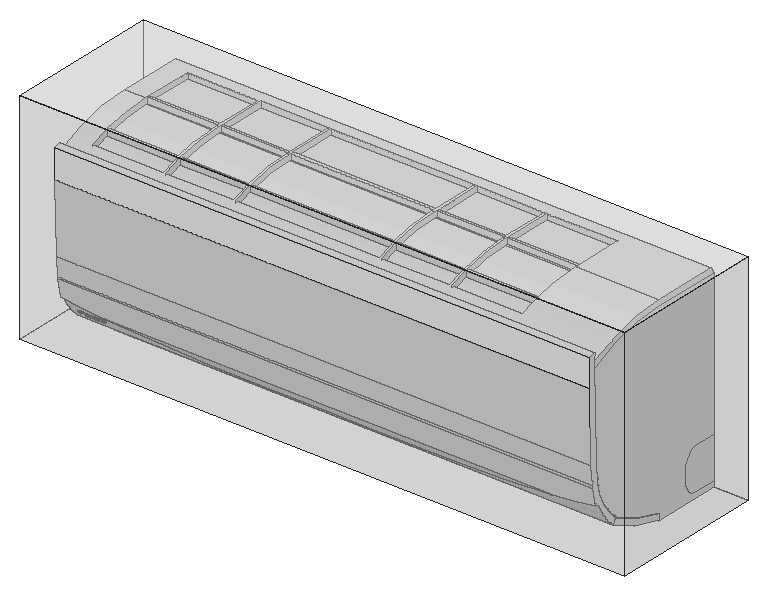
Revit family "outputfile", category 機械設備, Revit 2024
Family settings
  丸型コネクタ寸法 = 半径を使用
  パーツ タイプ = 標準
  OmniClass 番号 = 23.75.10.24.21.27.27
  OmniClass タイトル = Split System Air Conditioning Units
  作業面ベース = いいえ
  常に垂直 = はい
  ロード時にボイドで切り取り = いいえ
  注釈の向きを維持 = いいえ
  共有 = いいえ
  部屋計算ポイント = いいえ
Parameters (values of type "FTKM20QVMA")
  Description = ""
  書き出し IFC クラス(タイプ) = "IfcUnitaryEquipmentType"
  定義済み IFC タイプ(タイプ) = "AIRCONDITIONINGUNIT"
  Cost = 0
  Type Comments = ""
  Keynote = ""
  Type Image = (empty or 0)
  Assembly Code = ""
  w_wall hole = if(Width = 770.0 mm, 48.0 mm, 60.0 mm)  # 48.0 mm
  製造元 = "Daikin"
  モデル = "FTKM20QVMA"
  switch_frequency = yes
  r_Liquid Pipe Size = Liquid Pipe Size / 2  # 3.2 mm
  r_Gas Pipe Size = Gas Pipe Size / 2  # 4.75 mm
  r_Drain Pipe Size = Drain Pipe Size / 2  # 8.0 mm
  lw_powersupply [instance] = if(Width = 770.0 mm, if(or(Rear Right Connection_refrigerant, Bottom Right Connection_refrigerant), 25.0 mm, if(or(Rear Left Connection_refrigerant, Bottom Left Connection_refrigerant), 745.0 mm, 400.0 mm)), if(Width = 990.0 mm, if(or(Rear Right Connection_refrigerant, Bottom Right Connection_refrigerant), 40.0 mm, if(or(Rear Left Connection_refrigerant, Bottom Left Connection_refrigerant), 920.0 mm, 400.0 mm)), if(or(Rear Right Connection_refrigerant, Bottom Right Connection_refrigerant), 40.0 mm, if(or(Rear Left Connection_refrigerant, Bottom Left Connection_refrigerant), 920.0 mm, 400.0 mm))))  # 400.0 mm
  lw_liquidpipe [instance] = if(Width = 770.0 mm, if(or(Rear Right Connection_refrigerant, Bottom Right Connection_refrigerant), 0.0 mm, if(or(Rear Left Connection_refrigerant, Bottom Left Connection_refrigerant), 664.0 mm, 385.0 mm)), if(Width = 900.0 mm, if(or(Rear Right Connection_refrigerant, Bottom Right Connection_refrigerant), 0.0 mm, if(or(Rear Left Connection_refrigerant, Bottom Left Connection_refrigerant), 664.0 mm + (990.0 mm - 770.0 mm), 475.0 mm)), if(or(Rear Right Connection_refrigerant, Bottom Right Connection_refrigerant), 0.0 mm, if(or(Rear Left Connection_refrigerant, Bottom Left Connection_refrigerant), 664.0 mm + (990.0 mm - 770.0 mm), 475.0 mm))))  # 385.0 mm
  lw_gaspipe [instance] = if(Width = 770.0 mm, if(or(Rear Right Connection_refrigerant, Bottom Right Connection_refrigerant), 0.0 mm, if(or(Rear Left Connection_refrigerant, Bottom Left Connection_refrigerant), 675.0 mm, if(Gas Pipe Size = 12.7 mm, 345.0 mm, 335.0 mm))), if(Width = 990.0 mm, if(or(Rear Right Connection_refrigerant, Bottom Right Connection_refrigerant), 10.0 mm, if(or(Rear Left Connection_refrigerant, Bottom Left Connection_refrigerant), 890.0 mm, if(Gas Pipe Size = 15.9 mm, 410.0 mm, 400.0 mm))), if(or(Rear Right Connection_refrigerant, Bottom Right Connection_refrigerant), 10.0 mm, if(or(Rear Left Connection_refrigerant, Bottom Left Connection_refrigerant), 890.0 mm, if(Gas Pipe Size = 15.9 mm, 410.0 mm, 400.0 mm)))))  # 335.0 mm
  lw_drainpipe [instance] = if(Width = 770.0 mm, if(or(Rear Right Connection_refrigerant, Bottom Right Connection_refrigerant), 0.0 mm, if(or(Rear Left Connection_refrigerant, Bottom Left Connection_refrigerant), 770.0 mm - 48.0 mm - 48.0 mm, 440.0 mm)), if(Width = 990.0 mm, if(or(Rear Right Connection_refrigerant, Bottom Right Connection_refrigerant), 0.0 mm, if(or(Rear Left Connection_refrigerant, Bottom Left Connection_refrigerant), 675.0 mm + (990.0 mm - 770.0 mm), 435.0 mm)), if(or(Rear Right Connection_refrigerant, Bottom Right Connection_refrigerant), 0.0 mm, if(or(Rear Left Connection_refrigerant, Bottom Left Connection_refrigerant), 675.0 mm + (990.0 mm - 770.0 mm), 435.0 mm))))  # 440.0 mm
  l_powersupply_length [instance] = if(Width = 770.0 mm, if(Right Connection_refrigerant, 400.0 mm, if(Left Connection_refrigerant, 770.0 mm - 400.0 mm, if(or(Rear Left Connection_refrigerant, Rear Right Connection_refrigerant), 15.0 mm, 50.0 mm))), if(Width = 990.0 mm, if(Right Connection_refrigerant, 400.0 mm, if(Left Connection_refrigerant, 990.0 mm - 400.0 mm, if(or(Rear Left Connection_refrigerant, Rear Right Connection_refrigerant), 15.0 mm, 50.0 mm))), if(Right Connection_refrigerant, 400.0 mm, if(Left Connection_refrigerant, 990.0 mm - 400.0 mm, if(or(Rear Left Connection_refrigerant, Rear Right Connection_refrigerant), 15.0 mm, 50.0 mm)))))  # 400.0 mm
  l_liquidpipe_length [instance] = if(Width = 770.0 mm, if(Right Connection_refrigerant, 433.0 mm, if(Left Connection_refrigerant, 337.0 mm, if(or(Rear Left Connection_refrigerant, Rear Right Connection_refrigerant), 30.0 mm, 40.0 mm))), if(Width = 990.0 mm, if(Right Connection_refrigerant, 535.0 mm, if(Left Connection_refrigerant, 455.0 mm, if(or(Rear Left Connection_refrigerant, Rear Right Connection_refrigerant), 30.0 mm, 40.0 mm))), if(Right Connection_refrigerant, 535.0 mm, if(Left Connection_refrigerant, 455.0 mm, if(or(Rear Left Connection_refrigerant, Rear Right Connection_refrigerant), 30.0 mm, 40.0 mm)))))  # 433.0 mm
  l_gaspipe_length [instance] = if(Width = 770.0 mm, if(Right Connection_refrigerant, if(Gas Pipe Size = 12.7 mm, 393.0 mm, 383.0 mm), if(Left Connection_refrigerant, if(Gas Pipe Size = 12.7 mm, 770.0 mm - 393.0 mm, 770.0 mm - 383.0 mm), if(or(Rear Left Connection_refrigerant, Rear Right Connection_refrigerant), 40.0 mm, 50.0 mm))), if(Width = 990.0 mm, if(Right Connection_refrigerant, if(Gas Pipe Size = 15.9 mm, 470.0 mm, 460.0 mm), if(Left Connection_refrigerant, if(Gas Pipe Size = 15.9 mm, 990.0 mm - 470.0 mm, 990.0 mm - 460.0 mm), if(or(Rear Left Connection_refrigerant, Rear Right Connection_refrigerant), 40.0 mm, 50.0 mm))), if(Right Connection_refrigerant, if(Gas Pipe Size = 15.9 mm, 470.0 mm, 460.0 mm), if(Left Connection_refrigerant, if(Gas Pipe Size = 15.9 mm, 990.0 mm - 470.0 mm, 990.0 mm - 460.0 mm), if(or(Rear Left Connection_refrigerant, Rear Right Connection_refrigerant), 40.0 mm, 50.0 mm)))))  # 383.0 mm
  l_drainpipe_length [instance] = if(Width = 770.0 mm, if(Right Connection_refrigerant, 488.0 mm, if(Left Connection_refrigerant, 282.0 mm, if(or(Rear Left Connection_refrigerant, Rear Right Connection_refrigerant), 15.0 mm, 20.0 mm))), if(Width = 990.0 mm, if(Right Connection_refrigerant, 495.0 mm, if(Left Connection_refrigerant, 495.0 mm, if(or(Rear Left Connection_refrigerant, Rear Right Connection_refrigerant), 15.0 mm, 20.0 mm))), if(Right Connection_refrigerant, 495.0 mm, if(Left Connection_refrigerant, 495.0 mm, if(or(Rear Left Connection_refrigerant, Rear Right Connection_refrigerant), 15.0 mm, 20.0 mm)))))  # 488.0 mm
  h*** = 0.0 mm  # constant formula
  connector_voltage = Voltage_50Hz  # 230 V
  connector_powerinput = [Power Input (Cooling)]  # 0.000 kW
  connector_phase = Phase_50Hz  # 1
  angle_vertical [instance] = if(or(Bottom Left Connection_refrigerant, Bottom Right Connection_refrigerant), 0.00°, 90.00°)  # 90.00°
  angle_horizontal [instance] = if(Right Connection_refrigerant, 90.00°, if(Left Connection_refrigerant, -90.00°, if(or(Rear Left Connection_refrigerant, Rear Right Connection_refrigerant), 180.00°, 0.00°)))  # 90.00°
  Width = 770.0 mm
  Voltage_comment_50Hz = "220 - 240"
  Voltage_50Hz = 230 V
  Version = "ver.1.0"
  Unit Type = "Wall Mounted"
  Unit Mass Weight = 9.00 kg
  Unit Designation [instance] = ""
  Uniclass2015Version = "Products v1.30"
  Uniclass2015Title = "Split coil room air conditioning units"
  Uniclass2015Code = "Pr_70_65_03_86"
  URL = ""
  Total Cooling Capacity [instance] = 0.000 kW
  Sound Pressure Level_M speed (dBA) = 32
  Sound Pressure Level_L speed (dBA) = 25
  Sound Pressure Level_H speed (dBA) = 38
  Sound Power Level_H speed (dB) = 0
  Series = "Single Split_Fan Coil Unit"
  Sensible Cooling Capacity [instance] = 0.000 kW
  Refrigerant Type = "R32"
  Power Input (Cooling) = 0.000 kW
  Phase_50Hz = 1
  Option Accessory 3 [instance] = ""
  Option Accessory 2 [instance] = ""
  Option Accessory 1 [instance] = ""
  Nominal Cooling Capacity = 2.000 kW
  Minimum Circuit Amps_50Hz = 0.0 A
  Minimum Airflow = 300.00 m³/h
  Median Airflow = 426.00 m³/h
  Maximum Fuse Amps_50Hz = 0.0 A
  Maximum Airflow = 546.00 m³/h
  Material_Casing = DAIKIN_PureWhite_Casing_indoorunit
  Load Classification = HVAC
  Liquid Pipe Size = 6.4 mm
  Link_Nested Family [instance] = ""
  IfcVersion = ""
  IfcExportType = "AIRCONDITIONINGUNIT"
  IfcExportAs = "IfcUnitaryEquipmentType"
  Height = 285.0 mm
  Heat Exchanger Type = "Cross Fin Coil"
  Gas Pipe Size = 9.5 mm
  Frequency_50Hz = 50 Hz
  Fan Type = "Cross Flow Fan"
  Fan Drive = "Direct Drive"
  FCU Tag No. [instance] = ""
  Drain Pipe Size = 16.0 mm
  Design Supply Airflow [instance] = 0.00 m³/h
  Depth = 223.0 mm
  既定の高さ = 0.0 mm
  Cooling Entering Wet Bulb Temperature [instance] = 0.00 °C
  Cooling Entering Dry Bulb Temperature [instance] = 0.00 °C
  Cooling Ambient Wet Bulb Temperature [instance] = 0.00 °C
  Cooling Ambient Dry Bulb Temperature [instance] = 0.00 °C
  Clearance visibility [instance] = yes
  Clearance Top = 30.0 mm
  Clearance Right = 50.0 mm
  Clearance Rear = 0.0 mm
  Clearance Left = 50.0 mm
  Clearance Front = 0.0 mm
  Clearance Bottom = 0.0 mm
  Bottom Right Connection_refrigerant [instance] = no
  Bottom Left Connection_refrigerant [instance] = no
  Rear Right Connection_refrigerant [instance] = no
  Rear Left Connection_refrigerant [instance] = no
  Right Connection_refrigerant [instance] = yes
  Left Connection_refrigerant [instance] = no
Reference planes
  plane 1 "Back": y = 0
  plane 2: z = 0
  plane 3 "Center (Left/Right)": x = 0
  plane 4 "Center (Front/Back)": y = -111.5
  plane 5 "Front": y = -223
  plane 6 "Left": x = -385
  plane 7 "Right": x = 385
  plane 8 "Top": z = 0
  plane 9 "Bottom": z = -285
  plane 10: x = -435
  plane 11: x = 435
  plane 12: y = 0
  plane 13: y = -223
  plane 14: z = 30
  plane 15: z = -285
  plane 16 "lw_Piping and Wiring intake": x = 337
  plane 17 "lw_gaspipe": x = 2
  plane 18 "lw_liquidpipe": x = -48
  plane 19 "lw_drainpipe": x = -103
  plane 20 "lh_drainpipe": z = -265
  plane 21 "lh_liquidpipe": z = -245
  plane 22 "lh_gaspipe": z = -235
  plane 23 "ld_drainpipe": y = -15
  plane 24 "ld_liquidpipe": y = -30
  plane 25 "ld_gaspipe": y = -40
  plane 26 "lw_powersupply": x = -15
Dimensions and locks
  equal spacing: plane 6 "Left", plane 3 "Center (Left/Right)", plane 7 "Right"
  "Width": plane 6 "Left" to plane 7 "Right"
  equal spacing: plane 5 "Front", plane 4 "Center (Front/Back)", plane 1 "Back"
  "Depth": plane 5 "Front" to plane 1 "Back"
  "Height": plane 8 "Top" to plane 9 "Bottom"
  "Clearance Rear": plane 12 to plane 1 "Back"
  "Clearance Front": plane 13 to plane 5 "Front"
  "Clearance Top": plane 14 to plane 8 "Top"
  "Clearance Bottom": plane 9 "Bottom" to plane 15
  "w_wall hole": plane 16 "lw_Piping and Wiring intake" to plane 7 "Right"
  "lw_gaspipe": plane 17 "lw_gaspipe" to plane 16 "lw_Piping and Wiring intake"
  "lw_liquidpipe": plane 18 "lw_liquidpipe" to plane 16 "lw_Piping and Wiring intake"
  "lw_drainpipe": plane 19 "lw_drainpipe" to plane 16 "lw_Piping and Wiring intake"
  locked: plane 20 "lh_drainpipe" to plane 9 "Bottom" at 20
  locked: plane 21 "lh_liquidpipe" to plane 9 "Bottom" at 40
  locked: plane 22 "lh_gaspipe" to plane 9 "Bottom" at 50
  locked: plane 23 "ld_drainpipe" to plane 1 "Back" at 15
  locked: plane 1 "Back" to plane 24 "ld_liquidpipe" at 30
  locked: plane 1 "Back" to plane 25 "ld_gaspipe" at 40
  "lw_powersupply": plane 26 "lw_powersupply" to plane 7 "Right"
  "Clearance Right": plane 7 "Right" to plane 11
  "Clearance Left": plane 10 to plane 6 "Left"
  aligned and locked: level to plane 2
  aligned and locked: plane 12 to nested 1
  aligned and locked: nested 1 to plane 13
  aligned and locked: plane 10 to nested 1
  aligned and locked: plane 11 to nested 1
  aligned and locked: plane 15 to nested 1
  aligned and locked: plane 14 to nested 1
  aligned and locked: plane 17 "lw_gaspipe" to nested 2
  aligned and locked: nested 2 to plane 25 "ld_gaspipe"
  aligned and locked: plane 18 "lw_liquidpipe" to nested 3
  aligned and locked: nested 3 to plane 24 "ld_liquidpipe"
  aligned and locked: plane 19 "lw_drainpipe" to nested 4
  aligned and locked: nested 4 to plane 23 "ld_drainpipe"
  aligned and locked: nested 5 to plane 23 "ld_drainpipe"
  aligned and locked: plane 26 "lw_powersupply" to nested 5
  aligned and locked: level to plane 8 "Top"
  aligned and locked: plane 3 "Center (Left/Right)" to nested 6
  aligned and locked: plane 1 "Back" to nested 6
  aligned and locked: plane 8 "Top" to nested 6
Nested families
  nested 1: "daikin_clearancespace" at (0, -111.5, -127.381), show <- "Clearance visibility", visible <- "Clearance visibility", Link_Nested Family <- "Link_Nested Family", type "daikin_clearancespace"
    with width 870.0 mm, show yes, height 315.0 mm, depth 223.0 mm, Link_Nested Family ""
  nested 2: "daikin_connector_rotate3" at (2, -40, -235), angle_vertical <- "angle_vertical", angle_horizontal <- "angle_horizontal", length <- "l_gaspipe_length", radius <- "r_Gas Pipe Size", type "daikin_connector_rotate3"
    with show no, radius 4.75 mm, length 383.0 mm, angle_vertical 90.00°, angle_horizontal 90.00°
  nested 3: "daikin_connector_rotate3" at (-48, -30, -245), angle_vertical <- "angle_vertical", angle_horizontal <- "angle_horizontal", radius <- "r_Liquid Pipe Size", length <- "l_liquidpipe_length", type "daikin_connector_rotate3"
    with show no, radius 3.2 mm, length 433.0 mm, angle_vertical 90.00°, angle_horizontal 90.00°
  nested 4: "daikin_connector_rotate3" at (-103, -15, -265), angle_vertical <- "angle_vertical", angle_horizontal <- "angle_horizontal", length <- "l_drainpipe_length", radius <- "r_Drain Pipe Size", type "daikin_connector_rotate3"
    with show no, radius 8.0 mm, length 488.0 mm, angle_vertical 90.00°, angle_horizontal 90.00°
  nested 5: "daikin_connector_rotate3" at (-15, -15, -235), angle_vertical <- "angle_vertical", angle_horizontal <- "angle_horizontal", length <- "l_powersupply_length", type "daikin_connector_rotate3"
    with show no, radius 10.0 mm, length 400.0 mm, angle_vertical 90.00°, angle_horizontal 90.00°
  nested 6: "DAIKIN_indoorunit_FTKM-QVMA" at (-31, 0, 0), type "FTKM-QVMA"
Connectors
  piping at (385, -40, -235), diameter 9.5, driven by "r_Gas Pipe Size"
    settings: on nested 2, index 1, connector inside diameter 609.6 mm, connector length 0.0 mm, flow factor 0, pipe flow 0.00 m³/h, pressure drop 0.0 Pa, fitting loss kfactor 0, connector angle 0.00°, fixture units 0, engagement length 0.0 mm, angle of deflection 0.00°, flow configuration 1, flow direction 2, fitting loss method 0, system type 29, joint type 0, gender type 0, connector reference index -1, connector utility 0, adjustable connector no, is connector primary yes, connector description "Refrigerant Gas Piping"
  piping at (385, -30, -245), diameter 6.4, driven by "r_Liquid Pipe Size"
    settings: on nested 3, index 2, connector inside diameter 609.6 mm, connector length 0.0 mm, flow factor 0, pipe flow 0.00 m³/h, pressure drop 0.0 Pa, fitting loss kfactor 0, connector angle 0.00°, fixture units 0, engagement length 0.0 mm, angle of deflection 0.00°, flow configuration 1, flow direction 1, fitting loss method 0, system type 29, joint type 0, gender type 0, connector reference index -1, connector utility 0, adjustable connector no, is connector primary no, connector description "Refrigerant Liquid Piping"
  piping at (385, -15, -265), diameter 16, driven by "r_Drain Pipe Size"
    settings: on nested 4, index 3, connector inside diameter 609.6 mm, connector length 0.0 mm, flow factor 0, pipe flow 0.00 m³/h, pressure drop 0.0 Pa, fitting loss kfactor 0, connector angle 0.00°, fixture units 0, engagement length 0.0 mm, angle of deflection 0.00°, flow configuration 1, flow direction 2, fitting loss method 4, system type 16, joint type 0, gender type 0, connector reference index -1, connector utility 0, adjustable connector no, is connector primary no, connector description "Condensate Drain Piping"
  electrical at (385, -15, -235), driven by "Load Classification", driven by "connector_powerinput", driven by "connector_voltage", driven by "connector_phase"
    settings: on nested 5, index 4, voltage 230 V, apparent load 0 VA, apparent load phase1 0 VA, apparent load phase2 0 VA, apparent load phase3 0 VA, power factor 1, load classification "HVAC", number of poles 1, system type 30, power factor state 1, is connector primary yes, connector utility no, sub classification motor no, connector description "Power Supply"
Definition of nested family "daikin_clearancespace"
  Parameters (values of type "daikin_clearancespace")
    Description = "daikin_clearancespace"
    width [instance] = 1823.963 mm
    show [instance] = yes
    material = none
    height [instance] = 1359.762 mm
    depth [instance] = 880.0 mm
    Default Elevation = 0.0 mm
    Link_Nested Family [instance] = ""
  Reference planes
    plane 1 "Center (Front/Back)": y = 0
    plane 2 "Center (Elevation)": z = -0.119
    plane 3 "Center (Left/Right)": x = 0
    plane 4: y = 440
    plane 5: y = -440
    plane 6 "Right": x = 911.982
    plane 7 "Left": x = -911.982
    plane 8 "Top": z = 679.762
    plane 9 "Bottom": z = -680
  Forms (mm)
    Extrusion 1, solid, material <- "material", visible <- "show"
      sketch origin (0, 0, 0) x (1, 0, 0) y (0, 1, 0)
        loop
          line (-911.982, 440) -> (-911.982, -440) -> (911.982, -440) -> (911.982, 440) -> (-911.982, 440)
      from -680 to 679.762
  Lines and regions (mm)
    symbolic lines, visible <- "show"
      curve 1: line (911.982, 440, 0) -> (-911.982, 440, 0)
      curve 2: line (-911.982, 440, 0) -> (-911.982, -440, 0)
      curve 3: line (-911.982, -440, 0) -> (911.982, -440, 0)
      curve 4: line (911.982, -440, 0) -> (911.982, 440, 0)
      curve 5: line (911.982, 0, 679.762) -> (-911.982, 0, 679.762)
      curve 6: line (911.982, 0, -680) -> (911.982, 0, 679.762)
      curve 7: line (-911.982, 0, -680) -> (911.982, 0, -680)
      curve 8: line (-911.982, 0, 679.762) -> (-911.982, 0, -680)
      curve 9: line (0, 440, 679.762) -> (0, -440, 679.762)
      curve 10: line (0, -440, 679.762) -> (0, -440, -680)
      curve 11: line (0, 440, -680) -> (0, 440, 679.762)
      curve 12: line (0, -440, -680) -> (0, 440, -680)
  Dimensions and locks
    "width": plane 7 "Left" to plane 6 "Right"
    "depth": plane 4 to plane 5
    "height": plane 8 "Top" to plane 9 "Bottom"
    equal spacing: plane 7 "Left", plane 3 "Center (Left/Right)", plane 6 "Right"
    equal spacing: plane 4, plane 1 "Center (Front/Back)", plane 5
    equal spacing: plane 8 "Top", plane 2 "Center (Elevation)", plane 9 "Bottom"
    aligned and locked: level to plane 2 "Center (Elevation)"
    aligned and locked: Extrusion 1 sketch curve to plane 4
    aligned and locked: plane 7 "Left" to Extrusion 1 sketch curve
    aligned and locked: Extrusion 1 sketch curve to plane 5
    aligned and locked: Extrusion 1 sketch curve to plane 6 "Right"
    aligned and locked: plane 8 "Top" to Extrusion 1
    aligned and locked: curve 1 to Extrusion 1
    aligned and locked: curve 2 to Extrusion 1
    aligned and locked: curve 3 to Extrusion 1
    aligned and locked: curve 4 to Extrusion 1
    aligned and locked: curve 5 to Extrusion 1
    aligned and locked: curve 6 to Extrusion 1
    aligned and locked: curve 7 to Extrusion 1
    aligned and locked: curve 8 to Extrusion 1
    aligned and locked: curve 9 to Extrusion 1
    aligned and locked: curve 10 to Extrusion 1
    aligned and locked: curve 11 to Extrusion 1
    aligned and locked: curve 12 to Extrusion 1
    aligned and locked: Extrusion 1 to plane 9 "Bottom"
Definition of nested family "DAIKIN_indoorunit_FTKM-QVMA"
  Parameters (values of type "FTKM-QVMA")
    switch_unit1_50-71 = Width = 990.0 mm  # no
    switch_unit1_20-46 = Width = 770.0 mm  # yes
    Width = 770.0 mm
    WALL HOLE-R = if(Width = 770.0 mm, 48.0 mm, 60.0 mm)  # 48.0 mm
    WALL HOLE Size = if(Width = 770.0 mm, 65.0 mm, 80.0 mm)  # 65.0 mm
    Material_Casing = none
    Height = if(Width = 770.0 mm, 285.0 mm, 295.0 mm)  # 285.0 mm
    Default Elevation = 0.0 mm
  Reference planes
    plane 1 "Center (Front/Back)": y = 0
    plane 2 "reference_level": z = 0
    plane 3 "Center (Left/Right)": x = 31
    plane 4: x = -354
    plane 5: x = 416
    plane 6: z = -285
  Forms (mm)
    Extrusion 1, solid, material <- "Material_Casing", visible <- "switch_unit1_20-46"
      sketch origin (29, 0, 0) x (0, 1, 0) y (0, 0, 1)
        loop
          line (-5, 0) -> (-98, 0)
          arc (-98, 0) -> (-157.611, -7.211) -> (-213.783, -28.427) r 250
          arc (-213.783, -28.427) -> (-213.842, -32.972) -> (-213.892, -37.516) r 2191
          arc (-213.892, -37.516) -> (-157.832, -15.495) -> (-98.07, -8) r 242
          line (-98.07, -8) -> (0, -8) -> (-5, 0)
      from -383 to 387
    Extrusion 2, solid, material <- "Material_Casing", visible <- "switch_unit1_20-46"
      sketch origin (416, 1296.25, 1200) x (0, 1, 0) y (0, 0, 1)
        loop
          line (-1472.998, -1446.91) -> (-1476.998, -1453.839)
          arc (-1476.998, -1453.839) -> (-1437.481, -1472.422) -> (-1395.25, -1483.538) r 240
          line (-1395.25, -1483.538) -> (-1395.25, -1475.422)
          arc (-1395.25, -1475.422) -> (-1435.407, -1464.663) -> (-1472.998, -1446.91) r 232
      from 0 to -47.5
    Extrusion 3, solid, material <- "Material_Casing", visible <- "switch_unit1_20-46"
      sketch origin (29, 0, 0) x (0, 1, 0) y (0, 0, 1)
        loop
          arc (-223, -60.455) -> (-222.414, -110.646) -> (-220.656, -160.81) r 2149.92
          arc (-220.656, -160.81) -> (-219.65, -174.299) -> (-217.853, -187.706) r 229.911
          arc (-217.853, -187.706) -> (-205.371, -223.594) -> (-181.517, -253.17) r 111
          line (-181.517, -253.17) -> (-177.429, -246.093)
          arc (-177.429, -246.093) -> (-198.77, -218.989) -> (-209.965, -186.36) r 103
          arc (-209.965, -186.36) -> (-211.681, -173.586) -> (-212.651, -160.735) r 221.844
          arc (-212.651, -160.735) -> (-214.739, -93.233) -> (-214.74, -25.699) r 2186.828
          arc (-214.74, -25.699) -> (-214.671, -21.467) -> (-214.594, -17.235) r 2192
          line (-214.594, -17.235) -> (-223, -19.961) -> (-223, -60.455)
      from -383 to 387
    Extrusion 4, solid, material <- "Material_Casing", visible <- "switch_unit1_20-46"
      sketch origin (29, 0, 0) x (0, 1, 0) y (0, 0, 1)
        loop
          line (-181.517, -253.17) -> (-179.597, -249.846)
          arc (-179.597, -249.846) -> (-202.009, -221.399) -> (-213.189, -186.952) r 103
          line (-213.189, -186.952) -> (-217.853, -187.706)
          arc (-217.853, -187.706) -> (-217.533, -189.556) -> (-217.182, -191.4) r 111
          arc (-217.182, -191.4) -> (-213.806, -208.181) -> (-210.362, -224.948) r 4257.809
          arc (-210.362, -224.948) -> (-198.886, -237.857) -> (-186.225, -249.607) r 180
          line (-186.225, -249.607) -> (-181.517, -253.17)
      from -383 to 387
    Extrusion 5, solid, material <- "Material_Casing", visible <- "switch_unit1_20-46"
      sketch origin (29, 0, -20) x (0, 1, 0) y (0, 0, 1)
        loop
          line (0, -265) -> (0, 12) -> (-98.07, 12)
          arc (-98.07, 12) -> (-157.832, 4.505) -> (-213.892, -17.516) r 242
          arc (-213.892, -17.516) -> (-213.638, -79.114) -> (-211.653, -140.681) r 2191
          arc (-211.653, -140.681) -> (-210.685, -153.501) -> (-208.973, -166.243) r 221
          arc (-208.973, -166.243) -> (-197.471, -199.282) -> (-175.482, -226.491) r 102
          arc (-175.482, -226.491) -> (-138.004, -244.019) -> (-98, -254.579) r 231
          line (-98, -254.579) -> (-98, -265) -> (0, -265)
      from -383 to 387
    Extrusion 6, solid, material <- "Material_Casing", visible <- "switch_unit1_20-46"
      sketch origin (-354, 1296.25, 1200) x (0, 1, 0) y (0, 0, 1)
        loop
          line (-1472.998, -1446.91) -> (-1476.998, -1453.839)
          arc (-1476.998, -1453.839) -> (-1437.481, -1472.422) -> (-1395.25, -1483.538) r 240
          line (-1395.25, -1483.538) -> (-1395.25, -1475.422)
          arc (-1395.25, -1475.422) -> (-1435.407, -1464.663) -> (-1472.998, -1446.91) r 232
      from 47 to 0
    Extrusion 7, solid, material <- "Material_Casing", visible <- "switch_unit1_20-46"
      sketch origin (416, 1296.25, 1200) x (0, 1, 0) y (0, 0, 1)
        loop
          line (-1472.998, -1446.91) -> (-1476.998, -1453.839)
          arc (-1476.998, -1453.839) -> (-1443.437, -1470.168) -> (-1407.75, -1481.097) r 240
          line (-1407.75, -1481.097) -> (-1407.75, -1472.894)
          arc (-1407.75, -1472.894) -> (-1441.363, -1462.385) -> (-1472.998, -1446.91) r 232
      from -116.993 to -48.493
    Extrusion 8, solid, material <- "Material_Casing", visible <- "switch_unit1_20-46"
      sketch origin (416, 1296.25, 1200) x (0, 1, 0) y (0, 0, 1)
        loop
          line (-1472.998, -1446.91) -> (-1476.998, -1453.839)
          arc (-1476.998, -1453.839) -> (-1443.437, -1470.168) -> (-1407.75, -1481.097) r 240
          line (-1407.75, -1481.097) -> (-1407.75, -1472.894)
          arc (-1407.75, -1472.894) -> (-1441.363, -1462.385) -> (-1472.998, -1446.91) r 232
      from -717 to -121.993
    Extrusion 9, void
      sketch origin (31, 0, -235) x (1, 0, 0) y (0, 1, 0)
        loop
          line (-252.674, -22.316) -> (-354.941, -22.316) -> (-354.941, -91.341) -> (-252.674, -91.341) -> (-252.674, -22.316)
        loop
          line (-249.341, -91.341) -> (-151.574, -91.341) -> (-151.574, -22.316) -> (-249.341, -22.316) -> (-249.341, -91.341)
        loop
          line (58.309, -22.316) -> (-148.309, -22.316) -> (-148.309, -91.341) -> (58.309, -91.341) -> (58.309, -22.316)
        loop
          line (61.689, -22.316) -> (61.689, -91.341) -> (159.457, -91.341) -> (159.457, -22.316) -> (61.689, -22.316)
        loop
          line (162.789, -22.316) -> (162.789, -91.341) -> (265.057, -91.341) -> (265.057, -22.316) -> (162.789, -22.316)
        loop
          line (-354.941, -94.659) -> (-354.941, -165.259) -> (-252.674, -165.259) -> (-252.674, -94.659) -> (-354.941, -94.659)
        loop
          line (-249.341, -94.659) -> (-249.341, -165.259) -> (-151.574, -165.259) -> (-151.574, -94.659) -> (-249.341, -94.659)
        loop
          line (-148.309, -94.659) -> (-148.309, -165.259) -> (58.309, -165.259) -> (58.309, -94.659) -> (-148.309, -94.659)
        loop
          line (61.689, -94.659) -> (61.689, -165.259) -> (159.457, -165.259) -> (159.457, -94.659) -> (61.689, -94.659)
        loop
          line (162.789, -94.659) -> (162.789, -165.259) -> (265.057, -165.259) -> (265.057, -94.659) -> (162.789, -94.659)
        loop
          line (-354.941, -167.382) -> (-354.941, -192.681) -> (-252.674, -192.681) -> (-252.674, -167.382) -> (-354.941, -167.382)
        loop
          line (-249.341, -167.382) -> (-249.341, -192.681) -> (-151.574, -192.681) -> (-151.574, -167.382) -> (-249.341, -167.382)
        loop
          line (-148.309, -167.382) -> (-148.309, -192.681) -> (58.309, -192.681) -> (58.309, -167.382) -> (-148.309, -167.382)
        loop
          line (159.457, -167.382) -> (61.689, -167.382) -> (61.689, -192.681) -> (159.457, -192.681) -> (159.457, -167.382)
        loop
          line (265.057, -167.382) -> (162.789, -167.382) -> (162.789, -192.681) -> (265.057, -192.681) -> (265.057, -167.382)
      from 201.638 to 250
    Extrusion 10, void
      sketch origin (31, 0, 0) x (1, 0, 0) y (0, 0, 1)
        loop
          arc (597, -174.907) -> (0.056, -245.263) -> (-597, -175.856) r 2585.042
          line (-597, -175.856) -> (-597, -352.872) -> (597, -352.872) -> (597, -174.907)
      from 173 to 315.3
    Extrusion 11, solid, material <- "Material_Casing"
      sketch origin (31, 0, 0) x (1, 0, 0) y (0, 0, 1)
        loop
          circle (337, -240.5) r 32.5
        loop
          circle (-337, -240.5) r 32.5
      from 0 to 5
    Extrusion 12, solid, material <- "Material_Casing", visible <- "switch_unit1_20-46"
      sketch origin (416, 1296.25, 1200) x (0, -1, 0) y (0, 0, 1)
        loop
          line (1326.25, -1417) -> (1296.25, -1417) -> (1296.25, -1477) -> (1326.25, -1477)
          arc (1326.25, -1477) -> (1340.393, -1471.142) -> (1346.25, -1457) r 20
          line (1346.25, -1457) -> (1346.25, -1437)
          arc (1346.25, -1437) -> (1340.393, -1422.858) -> (1326.25, -1417) r 20
      from 0 to 5
    Extrusion 13, solid, material <- "Material_Casing", visible <- "switch_unit1_20-46"
      sketch origin (-354, 1296.25, 1200) x (0, 1, 0) y (0, 0, 1)
        loop
          line (-1296.25, -1417) -> (-1326.25, -1417)
          arc (-1326.25, -1417) -> (-1340.393, -1422.858) -> (-1346.25, -1437) r 20
          line (-1346.25, -1437) -> (-1346.25, -1457)
          arc (-1346.25, -1457) -> (-1340.393, -1471.142) -> (-1326.25, -1477) r 20
          line (-1326.25, -1477) -> (-1296.25, -1477) -> (-1296.25, -1417)
      from 0 to 5
    Extrusion 14, solid, material <- "Material_Casing", visible <- "switch_unit1_20-46"
      sketch origin (31, 0, -285) x (-1, 0, 0) y (0, -1, 0)
        loop
          line (-314, 0) -> (-314, 30)
          arc (-314, 30) -> (-319.858, 44.142) -> (-334, 50) r 20
          line (-334, 50) -> (-354, 50)
          arc (-354, 50) -> (-368.142, 44.142) -> (-374, 30) r 20
          line (-374, 30) -> (-374, 0) -> (-314, 0)
        loop
          line (374, 0) -> (374, 30)
          arc (374, 30) -> (368.142, 44.142) -> (354, 50) r 20
          line (354, 50) -> (334, 50)
          arc (334, 50) -> (319.858, 44.142) -> (314, 30) r 20
          line (314, 30) -> (314, 0) -> (374, 0)
      from 0 to 5
    Extrusion 15, solid, material <- "Material_Casing", visible <- "switch_unit1_50-71"
      sketch origin (31, 0, 0) x (0, 1, 0) y (0, 0, 1)
        loop
          line (-5, 0) -> (-138, 0)
          arc (-138, 0) -> (-197.611, -7.211) -> (-253.783, -28.427) r 250
          arc (-253.783, -28.427) -> (-253.838, -32.687) -> (-253.886, -36.946) r 2191
          arc (-253.886, -36.946) -> (-197.73, -15.346) -> (-138.014, -8) r 246.393
          line (-138.014, -8) -> (0, -8) -> (-5, 0)
      from -495 to 495
    Extrusion 16, solid, material <- "Material_Casing", visible <- "switch_unit1_50-71"
      sketch origin (418, 1296.25, 1200) x (0, 1, 0) y (0, 0, 1)
        loop
          arc (-1515.208, -1454.149) -> (-1506.856, -1460.599) -> (-1497.925, -1466.219) r 110
          arc (-1497.925, -1466.219) -> (-1445.718, -1487.493) -> (-1389.844, -1494.995) r 223
          line (-1389.844, -1494.995) -> (-1389.844, -1486.086) -> (-1404.386, -1486.086)
          arc (-1404.386, -1486.086) -> (-1449.542, -1477.46) -> (-1491.818, -1459.402) r 214.289
          arc (-1491.818, -1459.402) -> (-1501.056, -1453.541) -> (-1509.606, -1446.715) r 101
          line (-1509.606, -1446.715) -> (-1515.208, -1454.149)
      from 108 to 57.5
    Extrusion 17, solid, material <- "Material_Casing", visible <- "switch_unit1_50-71"
      sketch origin (31, 0, 0) x (0, 1, 0) y (0, 0, 1)
        loop
          line (-263, -19.962) -> (-263, -61.6)
          arc (-263, -61.6) -> (-262.414, -110.219) -> (-260.656, -158.81) r 2017.341
          arc (-260.656, -158.81) -> (-255.648, -191.935) -> (-244.041, -223.362) r 164.725
          arc (-244.041, -223.362) -> (-233.569, -239.793) -> (-219.717, -253.495) r 87.379
          line (-219.717, -253.495) -> (-214.706, -246.846)
          arc (-214.706, -246.846) -> (-229.564, -230.029) -> (-240.385, -210.371) r 102
          arc (-240.385, -210.371) -> (-249.049, -182.962) -> (-252.848, -154.467) r 165.789
          arc (-252.848, -154.467) -> (-254.771, -90.102) -> (-254.74, -25.708) r 2122.533
          arc (-254.74, -25.708) -> (-254.671, -21.469) -> (-254.594, -17.23) r 2192
          line (-254.594, -17.23) -> (-263, -19.962)
      from -495 to 495
    Extrusion 18, void
      sketch origin (33, 0, 0) x (1, 0, 0) y (0, 1, 0)
        loop
          line (-466.909, -22.316) -> (-466.909, -111.341) -> (-366.303, -111.341) -> (-366.303, -22.316) -> (-466.909, -22.316)
        loop
          line (-362.71, -22.316) -> (-362.71, -111.341) -> (-262.103, -111.341) -> (-262.103, -22.316) -> (-362.71, -22.316)
        loop
          line (-258.51, -22.316) -> (-258.51, -111.341) -> (-157.904, -111.341) -> (-157.904, -22.316) -> (-258.51, -22.316)
        loop
          line (-154.31, -22.316) -> (-154.31, -111.341) -> (-53.704, -111.341) -> (-53.704, -22.316) -> (-154.31, -22.316)
        loop
          line (-50.11, -22.316) -> (-50.11, -111.341) -> (50.496, -111.341) -> (50.496, -22.316) -> (-50.11, -22.316)
        loop
          line (54.089, -22.316) -> (54.089, -111.341) -> (154.696, -111.341) -> (154.696, -22.316) -> (54.089, -22.316)
        loop
          line (158.289, -22.316) -> (158.289, -111.341) -> (258.895, -111.341) -> (258.895, -22.316) -> (158.289, -22.316)
        loop
          line (262.489, -22.316) -> (262.489, -111.341) -> (363.095, -111.341) -> (363.095, -22.316) -> (262.489, -22.316)
        loop
          line (-466.909, -114.459) -> (-466.909, -185.059) -> (-366.303, -185.059) -> (-366.303, -114.459) -> (-466.909, -114.459)
        loop
          line (-362.71, -114.459) -> (-362.71, -185.059) -> (-262.103, -185.059) -> (-262.103, -114.459) -> (-362.71, -114.459)
        loop
          line (-258.51, -114.459) -> (-258.51, -185.059) -> (-157.904, -185.059) -> (-157.904, -114.459) -> (-258.51, -114.459)
        loop
          line (-154.31, -114.459) -> (-154.31, -185.059) -> (-53.704, -185.059) -> (-53.704, -114.459) -> (-154.31, -114.459)
        loop
          line (-50.11, -114.459) -> (-50.11, -185.059) -> (50.496, -185.059) -> (50.496, -114.459) -> (-50.11, -114.459)
        loop
          line (54.089, -114.459) -> (54.089, -185.059) -> (154.696, -185.059) -> (154.696, -114.459) -> (54.089, -114.459)
        loop
          line (158.289, -114.459) -> (158.289, -185.059) -> (258.895, -185.059) -> (258.895, -114.459) -> (158.289, -114.459)
        loop
          line (262.489, -114.459) -> (262.489, -185.059) -> (363.095, -185.059) -> (363.095, -114.459) -> (262.489, -114.459)
        loop
          line (-466.909, -187.382) -> (-466.909, -232.681) -> (-366.303, -232.681) -> (-366.303, -187.382) -> (-466.909, -187.382)
        loop
          line (-362.71, -187.382) -> (-362.71, -232.681) -> (-262.103, -232.681) -> (-262.103, -187.382) -> (-362.71, -187.382)
        loop
          line (-258.51, -187.382) -> (-258.51, -232.681) -> (-157.904, -232.681) -> (-157.904, -187.382) -> (-258.51, -187.382)
        loop
          line (-154.31, -187.382) -> (-154.31, -232.681) -> (-53.704, -232.681) -> (-53.704, -187.382) -> (-154.31, -187.382)
        loop
          line (-50.11, -187.382) -> (-50.11, -232.681) -> (50.496, -232.681) -> (50.496, -187.382) -> (-50.11, -187.382)
        loop
          line (54.089, -187.382) -> (54.089, -232.681) -> (154.696, -232.681) -> (154.696, -187.382) -> (54.089, -187.382)
        loop
          line (158.289, -187.382) -> (158.289, -232.681) -> (258.895, -232.681) -> (258.895, -187.382) -> (158.289, -187.382)
        loop
          line (262.489, -187.382) -> (262.489, -232.681) -> (363.095, -232.681) -> (363.095, -187.382) -> (262.489, -187.382)
      from -40.013 to 47.268
    Extrusion 19, void
      sketch origin (33, 0, 2300) x (1, 0, 0) y (0, 0, 1)
        loop
          line (705, -2672.872) -> (705, -2462.4)
          arc (705, -2462.4) -> (-2.043, -2534.819) -> (-709, -2461.567) r 3467.757
          line (-709, -2461.567) -> (-709, -2672.872) -> (705, -2672.872)
      from 173 to 315.3
    Extrusion 20, solid, material <- "Material_Casing", visible <- "switch_unit1_50-71"
      sketch origin (-356, 1296.25, 1200) x (0, 1, 0) y (0, 0, -1)
        loop
          line (-1515.208, 1454.149) -> (-1509.606, 1446.715)
          arc (-1509.606, 1446.715) -> (-1501.056, 1453.541) -> (-1491.818, 1459.402) r 101
          arc (-1491.818, 1459.402) -> (-1449.542, 1477.46) -> (-1404.386, 1486.086) r 214.289
          line (-1404.386, 1486.086) -> (-1389.844, 1486.086) -> (-1389.844, 1494.995)
          arc (-1389.844, 1494.995) -> (-1445.718, 1487.493) -> (-1497.925, 1466.219) r 223
          arc (-1497.925, 1466.219) -> (-1506.856, 1460.599) -> (-1515.208, 1454.149) r 110
      from 108 to 61
    Extrusion 21, solid, material <- "Material_Casing", visible <- "switch_unit1_50-71"
      sketch origin (418, 1296.25, 1200) x (0, 1, 0) y (0, 0, 1)
        loop
          arc (-1515.208, -1454.149) -> (-1506.856, -1460.599) -> (-1497.925, -1466.219) r 110
          arc (-1497.925, -1466.219) -> (-1463.185, -1482.066) -> (-1426.25, -1491.755) r 223
          line (-1426.25, -1491.755) -> (-1426.25, -1483.166)
          arc (-1426.25, -1483.166) -> (-1460.008, -1473.969) -> (-1491.818, -1459.402) r 214.289
          arc (-1491.818, -1459.402) -> (-1501.056, -1453.541) -> (-1509.606, -1446.715) r 101
          line (-1509.606, -1446.715) -> (-1515.208, -1454.149)
      from 56.5 to -36.993
    Extrusion 22, solid, material <- "Material_Casing", visible <- "switch_unit1_50-71"
      sketch origin (418, 1296.25, 1200) x (0, 1, 0) y (0, 0, 1)
        loop
          arc (-1426.25, -1483.166) -> (-1443.442, -1479.224) -> (-1460.25, -1473.881) r 214.289
          line (-1460.25, -1473.881) -> (-1460.25, -1483.089)
          arc (-1460.25, -1483.089) -> (-1443.421, -1488.091) -> (-1426.25, -1491.755) r 223
          line (-1426.25, -1491.755) -> (-1426.25, -1483.166)
      from -43.493 to -828.893
    Extrusion 23, solid, material <- "Material_Casing", visible <- "switch_unit1_50-71"
      sketch origin (418, 1296.25, 1200) x (0, 1, 0) y (0, 0, 1)
        loop
          arc (-1515.208, -1454.149) -> (-1506.856, -1460.599) -> (-1497.925, -1466.219) r 110
          arc (-1497.925, -1466.219) -> (-1479.479, -1475.527) -> (-1460.25, -1483.089) r 223
          line (-1460.25, -1483.089) -> (-1460.25, -1473.881)
          arc (-1460.25, -1473.881) -> (-1476.328, -1467.282) -> (-1491.818, -1459.402) r 214.289
          arc (-1491.818, -1459.402) -> (-1501.056, -1453.541) -> (-1509.606, -1446.715) r 101
          line (-1509.606, -1446.715) -> (-1515.208, -1454.149)
      from -43.493 to -828.893
    Extrusion 24, solid, material <- "Material_Casing", visible <- "switch_unit1_50-71"
      sketch origin (31, 0, 0) x (0, 1, 0) y (0, 0, 1)
        loop
          arc (-217.78, -250.924) -> (-234.088, -233.307) -> (-245.826, -212.366) r 102
          arc (-245.826, -212.366) -> (-251.608, -196.062) -> (-255.659, -179.245) r 165.789
          line (-255.659, -179.245) -> (-258.299, -179.737)
          arc (-258.299, -179.737) -> (-257.524, -183.799) -> (-256.646, -187.84) r 164.725
          arc (-256.646, -187.84) -> (-252.868, -206.25) -> (-249.973, -224.82) r 393.089
          arc (-249.973, -224.82) -> (-239.237, -236.969) -> (-227.451, -248.102) r 180
          arc (-227.451, -248.102) -> (-223.723, -250.998) -> (-219.717, -253.495) r 45.878
          line (-219.717, -253.495) -> (-217.78, -250.924)
      from -495 to 495
    Extrusion 25, solid, material <- "Material_Casing", visible <- "switch_unit1_50-71"
      sketch origin (31, 0, -30) x (0, 1, 0) y (0, 0, 1)
        loop
          line (0, 22) -> (-138.014, 22)
          arc (-138.014, 22) -> (-197.73, 14.654) -> (-253.886, -6.946) r 246.393
          arc (-253.886, -6.946) -> (-253.682, -65.635) -> (-251.855, -124.295) r 2120.935
          arc (-251.855, -124.295) -> (-248.086, -152.682) -> (-239.461, -179.988) r 164.789
          arc (-239.461, -179.988) -> (-228.903, -199.231) -> (-214.437, -215.738) r 101
          line (-214.437, -215.738) -> (-212.406, -216.221)
          arc (-212.406, -216.221) -> (-204.07, -222.837) -> (-195.079, -228.53) r 100
          arc (-195.079, -228.53) -> (-145.557, -248.629) -> (-92.593, -255.785) r 213.289
          line (-92.593, -255.785) -> (-92.593, -265) -> (0, -265) -> (0, 22)
      from -495 to 495
    Extrusion 26, solid, material <- "Material_Casing", visible <- "switch_unit1_50-71"
      sketch origin (526, 1296.25, 1200) x (0, -1, 0) y (0, 0, 1)
        loop
          line (1326.25, -1427.035) -> (1296.25, -1427.035) -> (1296.25, -1487.035) -> (1326.25, -1487.035)
          arc (1326.25, -1487.035) -> (1340.393, -1481.177) -> (1346.25, -1467.035) r 20
          line (1346.25, -1467.035) -> (1346.25, -1447.035)
          arc (1346.25, -1447.035) -> (1340.393, -1432.892) -> (1326.25, -1427.035) r 20
      from 0 to 5
    Extrusion 27, solid, material <- "Material_Casing", visible <- "switch_unit1_50-71"
      sketch origin (-459, 1296.25, 1200) x (0, -1, 0) y (0, 0, 1)
        loop
          line (1326.25, -1427.035) -> (1296.25, -1427.035) -> (1296.25, -1487.035) -> (1326.25, -1487.035)
          arc (1326.25, -1487.035) -> (1340.393, -1481.177) -> (1346.25, -1467.035) r 20
          line (1346.25, -1467.035) -> (1346.25, -1447.035)
          arc (1346.25, -1447.035) -> (1340.393, -1432.892) -> (1326.25, -1427.035) r 20
      from 0 to 5
    Extrusion 28, solid, material <- "Material_Casing", visible <- "switch_unit1_50-71"
      sketch origin (31, 200, -295) x (-1, 0, 0) y (0, -1, 0)
        loop
          line (469, 200) -> (469, 230)
          arc (469, 230) -> (463.142, 244.142) -> (449, 250) r 20
          line (449, 250) -> (429, 250)
          arc (429, 250) -> (414.858, 244.142) -> (409, 230) r 20
          line (409, 230) -> (409, 200) -> (469, 200)
        loop
          line (-469, 200) -> (-409, 200) -> (-409, 230)
          arc (-409, 230) -> (-414.858, 244.142) -> (-429, 250) r 20
          line (-429, 250) -> (-449, 250)
          arc (-449, 250) -> (-463.142, 244.142) -> (-469, 230) r 20
          line (-469, 230) -> (-469, 200)
      from 0 to 5
  Cuts and joins
    Extrusion 9 cuts Extrusion 1
    Extrusion 10 cuts Extrusion 4
    joined: Extrusion 3, Extrusion 4
    Extrusion 18 cuts Extrusion 15
    Extrusion 19 cuts Extrusion 24
    joined: Extrusion 17, Extrusion 24
  Lines and regions (mm)
    reference lines
      curve 1: line (-523, -201.911, -229.404) -> (-523, -193.542, -239.977)
      curve 2: line (-523, -240.779, -229.404) -> (-523, -232.411, -239.977)
  Dimensions and locks
    locked: Extrusion 10 sketch curve to Extrusion 10 sketch curve at 1194
    Extrusion 10 sketch curve to Extrusion 10 sketch curve = 1194.0 mm
    locked: Extrusion 12 sketch curve to Extrusion 12 sketch curve at 60
    locked: Extrusion 12 sketch curve to Extrusion 12 sketch curve at 50
    locked: Extrusion 14 sketch curve to Extrusion 14 sketch curve at 60  (x2)
    locked: Extrusion 14 sketch curve to Extrusion 14 sketch curve at 50
    equal spacing: plane 5, plane 3 "Center (Left/Right)", plane 4
    "Width": plane 5 to plane 4
    locked: Extrusion 11 sketch curve to plane 4 at 48
    "WALL HOLE-R": plane 5 to Extrusion 11 sketch curve
    "Height": plane 2 "reference_level" to plane 6
    locked: Extrusion 11 sketch curve to plane 6 at 44.5  (x2)
    locked: cut or joined group of Extrusion 3, Extrusion 4, Extrusion 10 to nested 1 at 15
    locked: Extrusion 17 to nested 2 at 15
    locked: Extrusion 26 sketch curve to Extrusion 26 sketch curve at 60
    locked: Extrusion 26 sketch curve to Extrusion 26 sketch curve at 50
    locked: Extrusion 27 sketch curve to Extrusion 27 sketch curve at 60
    locked: Extrusion 27 sketch curve to Extrusion 27 sketch curve at 50
    locked: Extrusion 28 sketch curve to Extrusion 28 sketch curve at 60  (x2)
    locked: Extrusion 28 sketch curve to Extrusion 28 sketch curve at 50  (x2)
    "WALL HOLE Size": diameter of Extrusion 11 sketch curve  (x2)
    aligned and locked: level to plane 2 "reference_level"
    aligned and locked: nested 1 to curve 1
    aligned and locked: Extrusion 13 sketch curve to Extrusion 12  (x4)
    aligned and locked: Extrusion 14 sketch curve to Extrusion 14 sketch curve  (x2)
    aligned and locked: Extrusion 11 to plane 1 "Center (Front/Back)"
    aligned and locked: nested 2 to curve 2
  Automatic sketch dimensions
    Extrusion 10 sketch curve to plane 3 "Center (Left/Right)" = 597.0 mm
    Extrusion 10 sketch curve to plane 3 "Center (Left/Right)" = 2.0 mm
    Extrusion 10 sketch curve to level = 352.872 mm
    Extrusion 10 sketch curve to level = 175.856 mm
    Extrusion 10 sketch curve to level = 174.907 mm
    curve 1 to level = 239.977 mm
    plane 1 "Center (Front/Back)" to curve 1 = 193.542 mm
    curve 2 to curve 1 = 0.0 mm
    curve 2 to curve 2 = 10.573 mm
    curve 1 to curve 1 = 10.573 mm
    curve 1 to curve 1 = 8.368 mm
    curve 1 to curve 2 = 30.5 mm
    curve 2 to curve 2 = 8.368 mm
    Extrusion 19 sketch curve to plane 3 "Center (Left/Right)" = 707.0 mm
    plane 3 "Center (Left/Right)" to Extrusion 19 sketch curve = 2.0 mm
    plane 3 "Center (Left/Right)" to Extrusion 19 sketch curve = 707.0 mm
    Extrusion 19 sketch curve to level = 372.872 mm
    Extrusion 19 sketch curve to level = 162.4 mm
    Extrusion 19 sketch curve to level = 161.567 mm
    Extrusion 1 sketch curve to level = 0.0 mm
    Extrusion 1 sketch curve to plane 1 "Center (Front/Back)" = 0.0 mm
    plane 1 "Center (Front/Back)" to Extrusion 1 sketch curve = 5.0 mm
    plane 1 "Center (Front/Back)" to Extrusion 1 sketch curve = 98.0 mm
    Extrusion 1 sketch curve to Extrusion 1 sketch curve = 0.07 mm
    Extrusion 1 sketch curve to level = 59.292 mm
    Extrusion 1 sketch curve to plane 1 "Center (Front/Back)" = 1977.0 mm
    Extrusion 1 sketch curve to level = 250.0 mm
    Extrusion 1 sketch curve to Extrusion 1 sketch curve = 0.0 mm
    Extrusion 1 sketch curve to level = 8.0 mm
    Extrusion 1 sketch curve to level = 28.427 mm
    plane 1 "Center (Front/Back)" to Extrusion 2 sketch curve = 180.748 mm
    Extrusion 2 sketch curve to Extrusion 2 sketch curve = 4.0 mm
    Extrusion 2 sketch curve to Extrusion 2 sketch curve = 77.747 mm
    plane 1 "Center (Front/Back)" to Extrusion 2 sketch curve = 59.279 mm
    Extrusion 2 sketch curve to Extrusion 2 sketch curve = 0.0 mm
    Extrusion 2 sketch curve to level = 283.538 mm
    Extrusion 2 sketch curve to Extrusion 2 sketch curve = 8.116 mm
    Extrusion 2 sketch curve to Extrusion 2 sketch curve = 21.583 mm
    Extrusion 2 sketch curve to Extrusion 2 sketch curve = 6.929 mm
    Extrusion 3 sketch curve to level = 19.961 mm
    plane 1 "Center (Front/Back)" to Extrusion 3 sketch curve = 223.0 mm
    Extrusion 3 sketch curve to level = 17.235 mm
    Extrusion 3 sketch curve to Extrusion 3 sketch curve = 8.406 mm
    plane 1 "Center (Front/Back)" to Extrusion 3 sketch curve = 181.517 mm
    Extrusion 3 sketch curve to Extrusion 3 sketch curve = 4.087 mm
    Extrusion 3 sketch curve to Extrusion 3 sketch curve = 69.11 mm
    Extrusion 3 sketch curve to Extrusion 3 sketch curve = 0.001 mm
    Extrusion 3 sketch curve to plane 1 "Center (Front/Back)" = 8.955 mm
    Extrusion 3 sketch curve to Extrusion 3 sketch curve = 0.067 mm
    Extrusion 3 sketch curve to level = 60.455 mm
    Extrusion 3 sketch curve to Extrusion 3 sketch curve = 1917.898 mm
    Extrusion 3 sketch curve to Extrusion 3 sketch curve = 44.907 mm
    Extrusion 3 sketch curve to Extrusion 3 sketch curve = 5.172 mm
    Extrusion 3 sketch curve to level = 150.456 mm
    Extrusion 3 sketch curve to Extrusion 3 sketch curve = 0.006 mm
    Extrusion 3 sketch curve to Extrusion 3 sketch curve = 19.265 mm
    Extrusion 3 sketch curve to Extrusion 3 sketch curve = 0.004 mm
    Extrusion 3 sketch curve to Extrusion 3 sketch curve = 76.368 mm
    Extrusion 3 sketch curve to Extrusion 3 sketch curve = 7.077 mm
    Extrusion 3 sketch curve to Extrusion 3 sketch curve = 1.002 mm
    Extrusion 3 sketch curve to Extrusion 3 sketch curve = 0.046 mm
    Extrusion 3 sketch curve to Extrusion 3 sketch curve = 8.005 mm
    Extrusion 3 sketch curve to Extrusion 3 sketch curve = 0.147 mm
    Extrusion 3 sketch curve to Extrusion 3 sketch curve = 0.0 mm
    plane 1 "Center (Front/Back)" to Extrusion 4 sketch curve = 217.853 mm
    Extrusion 4 sketch curve to Extrusion 4 sketch curve = 4.664 mm
    Extrusion 4 sketch curve to Extrusion 4 sketch curve = 26.964 mm
    Extrusion 4 sketch curve to Extrusion 4 sketch curve = 4.708 mm
    Extrusion 4 sketch curve to Extrusion 4 sketch curve = 1.92 mm
    Extrusion 4 sketch curve to Extrusion 4 sketch curve = 68.441 mm
    Extrusion 4 sketch curve to Extrusion 4 sketch curve = 2.837 mm
    Extrusion 4 sketch curve to Extrusion 4 sketch curve = 38.066 mm
    level to Extrusion 4 sketch curve = 640.031 mm
    Extrusion 4 sketch curve to plane 1 "Center (Front/Back)" = 3958.661 mm
    Extrusion 4 sketch curve to level = 111.946 mm
    Extrusion 4 sketch curve to Extrusion 4 sketch curve = 57.779 mm
    Extrusion 4 sketch curve to Extrusion 4 sketch curve = 3.149 mm
    Extrusion 4 sketch curve to Extrusion 4 sketch curve = 14.078 mm
    Extrusion 4 sketch curve to Extrusion 4 sketch curve = 0.754 mm
    Extrusion 4 sketch curve to Extrusion 4 sketch curve = 0.239 mm
    Extrusion 4 sketch curve to Extrusion 4 sketch curve = 3.324 mm
    Extrusion 4 sketch curve to Extrusion 4 sketch curve = 0.0 mm
    Extrusion 5 sketch curve to plane 1 "Center (Front/Back)" = 0.0 mm
    plane 1 "Center (Front/Back)" to Extrusion 5 sketch curve = 59.278 mm
    Extrusion 5 sketch curve to Extrusion 5 sketch curve = 98.0 mm
    Extrusion 5 sketch curve to Extrusion 5 sketch curve = 0.0 mm  (x3)
    Extrusion 5 sketch curve to level = 8.0 mm
    Extrusion 5 sketch curve to Extrusion 5 sketch curve = 38.791 mm
    Extrusion 5 sketch curve to Extrusion 5 sketch curve = 10.249 mm
    Extrusion 5 sketch curve to plane 1 "Center (Front/Back)" = 9.11 mm
    Extrusion 5 sketch curve to level = 59.292 mm
    Extrusion 5 sketch curve to Extrusion 5 sketch curve = 1967.89 mm
    Extrusion 5 sketch curve to Extrusion 5 sketch curve = 142.454 mm
    Extrusion 5 sketch curve to Extrusion 5 sketch curve = 19.271 mm
    Extrusion 5 sketch curve to Extrusion 5 sketch curve = 80.275 mm
    Extrusion 5 sketch curve to Extrusion 5 sketch curve = 24.579 mm
    Extrusion 5 sketch curve to Extrusion 5 sketch curve = 10.421 mm
    Extrusion 5 sketch curve to level = 46.847 mm
    Extrusion 5 sketch curve to Extrusion 5 sketch curve = 77.412 mm
    Extrusion 5 sketch curve to Extrusion 5 sketch curve = 33.49 mm
    Extrusion 5 sketch curve to Extrusion 5 sketch curve = 2.68 mm
    plane 1 "Center (Front/Back)" to Extrusion 6 sketch curve = 180.748 mm
    Extrusion 6 sketch curve to Extrusion 6 sketch curve = 4.0 mm
    Extrusion 6 sketch curve to Extrusion 6 sketch curve = 77.747 mm
    plane 1 "Center (Front/Back)" to Extrusion 6 sketch curve = 59.279 mm
    Extrusion 6 sketch curve to Extrusion 6 sketch curve = 0.0 mm
    Extrusion 6 sketch curve to level = 283.538 mm
    Extrusion 6 sketch curve to Extrusion 6 sketch curve = 8.116 mm
    Extrusion 6 sketch curve to Extrusion 6 sketch curve = 21.583 mm
    Extrusion 6 sketch curve to Extrusion 6 sketch curve = 6.929 mm
    plane 1 "Center (Front/Back)" to Extrusion 7 sketch curve = 180.748 mm
    Extrusion 7 sketch curve to Extrusion 7 sketch curve = 4.0 mm
    Extrusion 7 sketch curve to Extrusion 7 sketch curve = 65.247 mm
    plane 1 "Center (Front/Back)" to Extrusion 7 sketch curve = 59.279 mm
    Extrusion 7 sketch curve to Extrusion 7 sketch curve = 0.0 mm
    Extrusion 7 sketch curve to level = 281.097 mm
    Extrusion 7 sketch curve to Extrusion 7 sketch curve = 8.203 mm
    Extrusion 7 sketch curve to Extrusion 7 sketch curve = 19.055 mm
    Extrusion 7 sketch curve to Extrusion 7 sketch curve = 6.929 mm
    plane 1 "Center (Front/Back)" to Extrusion 8 sketch curve = 180.748 mm
    Extrusion 8 sketch curve to Extrusion 8 sketch curve = 4.0 mm
    Extrusion 8 sketch curve to Extrusion 8 sketch curve = 65.247 mm
    plane 1 "Center (Front/Back)" to Extrusion 8 sketch curve = 59.279 mm
    Extrusion 8 sketch curve to Extrusion 8 sketch curve = 0.0 mm
    Extrusion 8 sketch curve to level = 281.097 mm
    Extrusion 8 sketch curve to Extrusion 8 sketch curve = 8.203 mm
    Extrusion 8 sketch curve to Extrusion 8 sketch curve = 19.055 mm
    Extrusion 8 sketch curve to Extrusion 8 sketch curve = 6.929 mm
    plane 1 "Center (Front/Back)" to Extrusion 9 sketch curve = 165.259 mm  (x2)
    Extrusion 9 sketch curve to plane 3 "Center (Left/Right)" = 354.941 mm
    plane 1 "Center (Front/Back)" to Extrusion 9 sketch curve = 22.316 mm  (x3)
    Extrusion 9 sketch curve to Extrusion 9 sketch curve = 0.0 mm  (x26)
    Extrusion 9 sketch curve to Extrusion 9 sketch curve = 102.268 mm  (x2)
    Extrusion 9 sketch curve to Extrusion 9 sketch curve = 3.332 mm  (x4)
    Extrusion 9 sketch curve to Extrusion 9 sketch curve = 97.768 mm  (x2)
    Extrusion 9 sketch curve to Extrusion 9 sketch curve = 3.264 mm  (x3)
    plane 3 "Center (Left/Right)" to Extrusion 9 sketch curve = 58.309 mm
    Extrusion 9 sketch curve to Extrusion 9 sketch curve = 3.38 mm  (x3)
    Extrusion 9 sketch curve to Extrusion 9 sketch curve = 2.124 mm  (x6)
    Extrusion 9 sketch curve to Extrusion 9 sketch curve = 25.299 mm  (x2)
    Extrusion 9 sketch curve to Extrusion 9 sketch curve = 70.6 mm
    Extrusion 9 sketch curve to Extrusion 9 sketch curve = 3.317 mm  (x4)
    Extrusion 12 sketch curve to plane 1 "Center (Front/Back)" = 0.0 mm
    Extrusion 12 sketch curve to Extrusion 12 sketch curve = 20.0 mm  (x2)
    Extrusion 12 sketch curve to level = 277.0 mm
    plane 1 "Center (Front/Back)" to Extrusion 14 sketch curve = 0.0 mm
    plane 3 "Center (Left/Right)" to Extrusion 14 sketch curve = 374.0 mm
    Extrusion 14 sketch curve to Extrusion 14 sketch curve = 20.0 mm  (x3)
    plane 1 "Center (Front/Back)" to Extrusion 14 sketch curve = 30.0 mm
    Extrusion 14 sketch curve to plane 3 "Center (Left/Right)" = 314.0 mm
    Extrusion 15 sketch curve to level = 0.0 mm
    Extrusion 15 sketch curve to plane 1 "Center (Front/Back)" = 0.0 mm
    plane 1 "Center (Front/Back)" to Extrusion 15 sketch curve = 5.0 mm
    Extrusion 15 sketch curve to Extrusion 15 sketch curve = 133.0 mm
    Extrusion 15 sketch curve to Extrusion 15 sketch curve = 0.013 mm
    Extrusion 15 sketch curve to level = 59.292 mm
    Extrusion 15 sketch curve to plane 1 "Center (Front/Back)" = 1937.0 mm
    Extrusion 15 sketch curve to Extrusion 15 sketch curve = 250.0 mm
    Extrusion 15 sketch curve to Extrusion 15 sketch curve = 4.393 mm
    Extrusion 15 sketch curve to level = 8.0 mm
    Extrusion 15 sketch curve to level = 28.427 mm
    plane 1 "Center (Front/Back)" to Extrusion 16 sketch curve = 218.957 mm
    Extrusion 16 sketch curve to Extrusion 16 sketch curve = 5.601 mm
    Extrusion 16 sketch curve to Extrusion 16 sketch curve = 65.735 mm
    Extrusion 16 sketch curve to Extrusion 16 sketch curve = 1.462 mm
    plane 1 "Center (Front/Back)" to Extrusion 16 sketch curve = 108.136 mm
    Extrusion 16 sketch curve to Extrusion 16 sketch curve = 14.543 mm
    plane 1 "Center (Front/Back)" to Extrusion 16 sketch curve = 92.093 mm
    Extrusion 16 sketch curve to Extrusion 16 sketch curve = 1.354 mm
    Extrusion 16 sketch curve to level = 294.995 mm
    Extrusion 16 sketch curve to Extrusion 16 sketch curve = 8.909 mm
    Extrusion 16 sketch curve to Extrusion 16 sketch curve = 31.937 mm
    Extrusion 16 sketch curve to Extrusion 16 sketch curve = 7.433 mm
    Extrusion 16 sketch curve to Extrusion 16 sketch curve = 75.403 mm
    Extrusion 16 sketch curve to Extrusion 16 sketch curve = 0.896 mm
    Extrusion 16 sketch curve to level = 72.504 mm
    Extrusion 16 sketch curve to Extrusion 16 sketch curve = 0.504 mm
    Extrusion 17 sketch curve to level = 19.962 mm
    plane 1 "Center (Front/Back)" to Extrusion 17 sketch curve = 263.0 mm
    Extrusion 17 sketch curve to level = 17.23 mm
    Extrusion 17 sketch curve to Extrusion 17 sketch curve = 8.406 mm
    Extrusion 17 sketch curve to Extrusion 17 sketch curve = 43.283 mm
    Extrusion 17 sketch curve to Extrusion 17 sketch curve = 5.011 mm
    Extrusion 17 sketch curve to Extrusion 17 sketch curve = 49.129 mm
    Extrusion 17 sketch curve to Extrusion 17 sketch curve = 19.417 mm
    Extrusion 17 sketch curve to Extrusion 17 sketch curve = 50.037 mm
    Extrusion 17 sketch curve to Extrusion 17 sketch curve = 8.89 mm
    Extrusion 17 sketch curve to level = 61.6 mm
    Extrusion 17 sketch curve to plane 1 "Center (Front/Back)" = 1754.341 mm
    Extrusion 17 sketch curve to level = 58.909 mm
    Extrusion 17 sketch curve to Extrusion 17 sketch curve = 113.192 mm
    Extrusion 17 sketch curve to Extrusion 17 sketch curve = 69.467 mm
    Extrusion 17 sketch curve to level = 146.886 mm
    Extrusion 17 sketch curve to Extrusion 17 sketch curve = 3.987 mm
    Extrusion 17 sketch curve to Extrusion 17 sketch curve = 20.44 mm
    Extrusion 17 sketch curve to Extrusion 17 sketch curve = 13.597 mm
    Extrusion 17 sketch curve to Extrusion 17 sketch curve = 61.936 mm
    Extrusion 17 sketch curve to Extrusion 17 sketch curve = 6.649 mm
    Extrusion 17 sketch curve to level = 59.438 mm
    Extrusion 17 sketch curve to Extrusion 17 sketch curve = 0.0 mm
    Extrusion 17 sketch curve to Extrusion 17 sketch curve = 0.147 mm
    Extrusion 17 sketch curve to Extrusion 17 sketch curve = 7.808 mm
    plane 1 "Center (Front/Back)" to Extrusion 18 sketch curve = 22.316 mm  (x6)
    Extrusion 18 sketch curve to plane 3 "Center (Left/Right)" = 464.909 mm
    Extrusion 18 sketch curve to Extrusion 18 sketch curve = 0.0 mm  (x27)
    Extrusion 18 sketch curve to Extrusion 18 sketch curve = 100.606 mm  (x7)
    Extrusion 18 sketch curve to Extrusion 18 sketch curve = 3.594 mm  (x16)
    Extrusion 18 sketch curve to plane 3 "Center (Left/Right)" = 51.704 mm
    plane 3 "Center (Left/Right)" to Extrusion 18 sketch curve = 52.496 mm  (x2)
    Extrusion 18 sketch curve to Extrusion 18 sketch curve = 89.026 mm  (x6)
    Extrusion 18 sketch curve to Extrusion 18 sketch curve = 3.117 mm  (x8)
    Extrusion 18 sketch curve to Extrusion 18 sketch curve = 70.6 mm  (x7)
    Extrusion 18 sketch curve to Extrusion 18 sketch curve = 2.324 mm  (x8)
    Extrusion 18 sketch curve to Extrusion 18 sketch curve = 45.299 mm  (x7)
    plane 1 "Center (Front/Back)" to Extrusion 20 sketch curve = 218.957 mm
    Extrusion 20 sketch curve to Extrusion 20 sketch curve = 5.601 mm
    Extrusion 20 sketch curve to Extrusion 20 sketch curve = 65.735 mm
    Extrusion 20 sketch curve to Extrusion 20 sketch curve = 1.462 mm
    plane 1 "Center (Front/Back)" to Extrusion 20 sketch curve = 108.136 mm
    Extrusion 20 sketch curve to Extrusion 20 sketch curve = 14.543 mm
    plane 1 "Center (Front/Back)" to Extrusion 20 sketch curve = 92.093 mm
    Extrusion 20 sketch curve to Extrusion 20 sketch curve = 1.354 mm
    Extrusion 20 sketch curve to level = 72.0 mm
    Extrusion 20 sketch curve to Extrusion 20 sketch curve = 0.504 mm
    Extrusion 20 sketch curve to Extrusion 20 sketch curve = 98.416 mm
